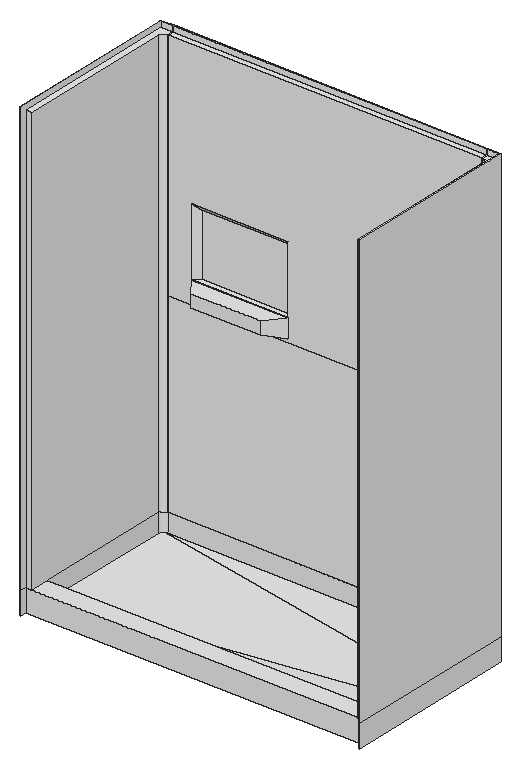
Revit family "5LRS6030SQ.V2 L-R", category Plumbing Fixtures, Revit 2019
Family settings
  Round Connector Dimension = Use Diameter
  Part Type = Normal
  OmniClass Number = 23.45.05.14.17
  OmniClass Title = Showers
  Work Plane-Based = No
  Always vertical = Yes
  Cut with Voids When Loaded = No
  Shared = No
  Room Calculation Point = No
Parameters (values of type "5LRS6030SQ.V2 L/R")
  Unit Width = 60"
  Unit Height = 80 1/2"
  Unit Depth = 31"
  URL = "http://www.bestbath.com/"
  Type Comments = "Remodeler"
  Model = "5LRS6030SQ.V2 L/R"
  Material [instance] = Best Bath Gelcoat Fiberglass - RealTile
  Manufacturer = "Best Bath Systems, Inc."
  Keynote = "22 40 00.B3"
  Description = "Real Tile Finish"
  Assembly Code = "D2010710"
Reference planes (in)
  plane 1: z = 0
  plane 2 "Left": x = 0
  plane 3: z = 79.5
  plane 4: z = 80.5
  plane 5: y = 6.36165
  plane 6: y = 36.36165
  plane 7: x = 60
  plane 8: y = 35.11165
  plane 9: y = 22.36165
  plane 10: x = 51.5
  plane 11: z = 0.375
  plane 12: z = 0.75
  plane 13: z = 38.25
  plane 14: z = 4
  plane 15: y = 5.36165
  plane 16: z = 42.25
Forms (in)
  Extrusion 1, solid, material "Best Bath Gelcoat Fiberglass - Smooth"
    sketch origin (0, 0, 0) x (1, 0, 0) y (0, 1, 0)
      loop
        line (0, 6.36165) -> (60, 6.36165) -> (60, 36.36165) -> (0, 36.36165) -> (0, 6.36165)
      loop
        line (49, 26.36165) -> (49, 18.36165) -> (53.97344, 18.36165) -> (53.97344, 26.36165) -> (49, 26.36165)
    from 0 to 0.75
  Extrusion 2, solid, material "Best Bath Gelcoat Fiberglass - Smooth"
    sketch origin (0, 0, 0) x (1, 0, 0) y (0, 1, 0)
      loop
        line (2.25, 36.36165) -> (2.25, 35.11165) -> (57.75, 35.11165) -> (57.75, 36.36165) -> (2.25, 36.36165)
    from 4 to 38.25
  Blend 3, void
    base sketch origin (0, 0, 0) x (1, 0, 0) y (0, 1, 0)
      loop
        line (1.25, 10.38049) -> (58.75, 10.38049) -> (58.75, 35.11165) -> (1.25, 35.11165) -> (1.25, 10.38049)
    top sketch origin (0, 0, 0) x (1, 0, 0) y (0, 1, 0)
      loop
        line (49, 26.36165) -> (49, 18.36165) -> (53.97344, 18.36165) -> (53.97344, 26.36165) -> (49, 26.36165)
    from 0.75 to 0.375
  Extrusion 4, solid, material "Best Bath Gelcoat Fiberglass - Smooth"
    sketch origin (0, 0, 0) x (1, 0, 0) y (0, 1, 0)
      loop
        line (2.25, 36.36165) -> (2.25, 35.11165) -> (57.75, 35.11165) -> (57.75, 36.36165) -> (2.25, 36.36165)
    from 38.25 to 79.5
  Extrusion 5, solid, material "Best Bath Gelcoat Fiberglass - Smooth"
    sketch origin (0.25, 0, 0) x (1, 0, 0) y (0, 1, 0)
      loop
        line (-0.25, 6.36165) -> (1, 6.36165) -> (1, 34.11165)
        arc (1, 34.11165) -> (1.29289, 34.81875) -> (2, 35.11165) r 1
        line (2, 35.11165) -> (2, 36.36165) -> (-0.25, 36.36165) -> (-0.25, 6.36165)
      loop
        line (59.75, 6.36165) -> (59.75, 36.36165) -> (57.5, 36.36165) -> (57.5, 35.11165)
        arc (57.5, 35.11165) -> (58.20711, 34.81875) -> (58.5, 34.11165) r 1
        line (58.5, 34.11165) -> (58.5, 6.36165) -> (59.75, 6.36165)
    from 4 to 79.5
  Extrusion 6, solid, material "Best Bath Gelcoat Fiberglass - Smooth"
    sketch origin (0, 0, 0) x (1, 0, 0) y (0, 1, 0)
      loop
        line (0, 36.36165) -> (0, 6.36165) -> (1.25, 6.36165) -> (1.25, 34.11165)
        arc (1.25, 34.11165) -> (1.54289, 34.81875) -> (2.25, 35.11165) r 1
        line (2.25, 35.11165) -> (57.75, 35.11165)
        arc (57.75, 35.11165) -> (58.45711, 34.81875) -> (58.75, 34.11165) r 1
        line (58.75, 34.11165) -> (58.75, 6.36165) -> (60, 6.36165) -> (60, 35.11165) -> (60, 36.36165) -> (0, 36.36165)
    from 0 to 4
  Sweep 7, solid, material "Best Bath Gelcoat Fiberglass - Smooth"
    path origin (0, 0, 0) x (1, 0, 0) y (0, 1, 0)
      loop
        line (1.25, 6.36165) -> (58.75, 6.36165)
    profile origin (30, 6.36165, 0) x (0, 1, 0) y (0, 0, 1)
      loop
        line (0, 0) -> (4.15, 0) -> (3.35, 4) -> (0, 4) -> (0, 0)
  Extrusion 8, solid, material "Best Bath Gelcoat Fiberglass - Smooth"
    sketch origin (0, 0, 0) x (1, 0, 0) y (0, 1, 0)
      loop
        line (0, 6.36165) -> (0, 5.36165) -> (0.125, 5.36165) -> (0.125, 6.36165) -> (0, 6.36165)
      loop
        line (60, 6.36165) -> (59.875, 6.36165) -> (59.875, 5.36165) -> (60, 5.36165) -> (60, 6.36165)
    from 0 to 4
  Extrusion 9, solid, material "Best Bath Gelcoat Fiberglass - Smooth"
    sketch origin (0, 0, 0) x (1, 0, 0) y (0, 1, 0)
      loop
        line (2.25, 36.36165) -> (2.25, 36.23665) -> (57.75, 36.23665) -> (57.75, 36.36165) -> (2.25, 36.36165)
    from 79.5 to 80.5
  Extrusion 10, solid, material "Best Bath Gelcoat Fiberglass - Smooth"
    sketch origin (0, 0, 0) x (1, 0, 0) y (0, 1, 0)
      loop
        line (0, 5.36165) -> (0.125, 5.36165) -> (0.125, 36.23665) -> (2.25, 36.23665) -> (2.25, 36.36165) -> (0, 36.36165) -> (0, 5.36165)
      loop
        line (60, 5.36165) -> (60, 36.36165) -> (57.75, 36.36165) -> (57.75, 36.23665) -> (59.875, 36.23665) -> (59.875, 5.36165) -> (60, 5.36165)
    from 4 to 80.5
  Blend 11, void
    base sketch origin (-2.4375, -38.5, -0.375) x (1, 0, 0) y (0, 0, 1)
      loop
        line (39, 42.625) -> (56, 42.625) -> (56, 54.625) -> (39, 54.625) -> (39, 42.625)
    top sketch origin (-2.4375, -38.5, -0.375) x (1, 0, 0) y (0, 0, 1)
      loop
        line (40, 42.625) -> (55, 42.625) -> (55, 53.625) -> (40, 53.625) -> (40, 42.625)
    from -73.61165 to -74.61165
  Blend 12, solid, material "Best Bath Gelcoat Fiberglass - Smooth"
    base sketch origin (-2.4375, -38, -0.375) x (1, 0, 0) y (0, 0, 1)
      loop
        line (56, 42.625) -> (39, 42.625) -> (39, 39.25) -> (56, 39.25) -> (56, 42.625)
    top sketch origin (-2.4375, -38, -0.375) x (1, 0, 0) y (0, 0, 1)
      loop
        line (41.375, 42.625) -> (41.375, 40.375) -> (53.625, 40.375) -> (53.625, 42.625) -> (41.375, 42.625)
    from -73.11165 to -70.11165
  Blend 13, void
    base sketch origin (62.4375, -38.5, -0.375) x (-1, 0, 0) y (0, 0, -1)
      loop
        line (39, -42.625) -> (39, -54.625) -> (56, -54.625) -> (56, -42.625) -> (39, -42.625)
    top sketch origin (62.4375, -38.5, -0.375) x (-1, 0, 0) y (0, 0, -1)
      loop
        line (40, -42.625) -> (40, -53.625) -> (55, -53.625) -> (55, -42.625) -> (40, -42.625)
    from -73.61165 to -74.61165
  Blend 14, solid, material "Best Bath Gelcoat Fiberglass - Smooth"
    base sketch origin (62.4375, -38, -0.375) x (-1, 0, 0) y (0, 0, -1)
      loop
        line (56, -42.625) -> (56, -39.25) -> (39, -39.25) -> (39, -42.625) -> (56, -42.625)
    top sketch origin (62.4375, -38, -0.375) x (-1, 0, 0) y (0, 0, -1)
      loop
        line (41.375, -42.625) -> (53.625, -42.625) -> (53.625, -40.375) -> (41.375, -40.375) -> (41.375, -42.625)
    from -73.11165 to -70.11165
  Extrusion 15, solid, material "Best Bath Gelcoat Fiberglass - Smooth"
    sketch origin (0, 0, 0) x (1, 0, 0) y (0, 1, 0)
      loop
        line (49, 26.36165) -> (49, 18.36165) -> (53.97344, 18.36165) -> (53.97344, 26.36165) -> (49, 26.36165)
    from 0 to 0.25
  Extrusion 16, void
    sketch origin (0, 0, 0) x (1, 0, 0) y (0, 1, 0)
      loop
        circle (51.5, 22.36165) r 1.5
    from 0 to 0.5
Cuts and joins
  Blend 3 cuts Extrusion 1
  Extrusion 16 cuts Extrusion 15
  joined: Extrusion 1, Extrusion 6, Sweep 7, Extrusion 8, Extrusion 15
  Blend 11, Blend 13 cuts Extrusion 4
  Blend 13 cuts Extrusion 9
  Blend 13 cuts Blend 12
  joined: Extrusion 4, Extrusion 9, Blend 12
  joined: Extrusion 5, Extrusion 10
Dimensions and locks (in)
  locked: plane 4 to plane 3 at 1
  "Unit Height": plane 4 to level
  plane 2 "Left" to plane 10 to plane 7 = 51 1/2", 8 1/2" locked
  "Unit Width": plane 2 "Left" to plane 7
  plane 6 to plane 8 = 1 1/4"
  locked: plane 6 to plane 9 at 14
  locked: plane 12 to level at 0.75
  locked: plane 12 to plane 11 at 0.375
  locked: plane 13 to plane 14 at 34.25
  locked: plane 14 to level at 4
  locked: plane 5 to plane 15 at 1
  "Unit Depth": plane 6 to plane 15
  locked: plane 16 to plane 13 at 4
  aligned and locked: level to plane 1
  aligned and locked: Extrusion 1 sketch curve to plane 5
  aligned and locked: Extrusion 1 sketch curve to plane 2 "Left"
  aligned and locked: plane 6 to Extrusion 1 sketch curve
  aligned and locked: Extrusion 1 sketch curve to plane 7
  aligned and locked: plane 12 to Extrusion 1
  aligned and locked: Extrusion 1 to Blend 3  (x2)
  aligned and locked: Blend 3 to plane 11
  aligned and locked: plane 13 to Extrusion 2
  aligned and locked: Extrusion 4 to Extrusion 2
  aligned and locked: plane 3 to Extrusion 4
  aligned and locked: plane 3 to Extrusion 5
  aligned and locked: plane 14 to Extrusion 6
  aligned and locked: Extrusion 5 to plane 14
  aligned and locked: Extrusion 2 to plane 14
  aligned and locked: Extrusion 8 to Extrusion 2
  aligned and locked: Extrusion 9 to plane 3
  aligned and locked: plane 4 to Extrusion 9
  aligned and locked: Extrusion 10 to Extrusion 2
  aligned and locked: plane 4 to Extrusion 10
  aligned and locked: Blend 11 to plane 16
Automatic sketch dimensions
  Extrusion 2 sketch curve to plane 8 = 0"
  Extrusion 2 sketch curve to plane 6 = 0"
  plane 2 "Left" to Extrusion 2 sketch curve = 2 1/4"
  plane 7 to Extrusion 2 sketch curve = 2 1/4"
  Blend 3 sketch curve to plane 8 = 0"
  plane 2 "Left" to Blend 3 sketch curve = 1 1/4"
  plane 7 to Blend 3 sketch curve = 1 1/4"
  plane 5 to Blend 3 sketch curve = 4.01884"
  Extrusion 4 sketch curve to plane 8 = 0"
  Extrusion 4 sketch curve to plane 6 = 0"
  plane 2 "Left" to Extrusion 4 sketch curve = 2 1/4"
  plane 7 to Extrusion 4 sketch curve = 2 1/4"
  Extrusion 5 sketch curve to plane 2 "Left" = 0"
  Extrusion 5 sketch curve to plane 5 = 0"  (x2)
  Extrusion 5 sketch curve to plane 8 = 0"  (x2)
  Extrusion 5 sketch curve to plane 6 = 0"  (x2)
  Extrusion 5 sketch curve to plane 7 = 0"
  Extrusion 5 sketch curve to Extrusion 5 sketch curve = 1 1/4"
  Extrusion 5 sketch curve to Extrusion 5 sketch curve = 1"
  plane 7 to Extrusion 5 sketch curve = 2 1/4"
  Extrusion 5 sketch curve to plane 8 = 1"
  Extrusion 6 sketch curve to plane 2 "Left" = 0"
  Extrusion 6 sketch curve to plane 5 = 0"  (x2)
  Extrusion 6 sketch curve to plane 8 = 0"  (x2)
  Extrusion 6 sketch curve to plane 7 = 0"
  Extrusion 6 sketch curve to plane 6 = 0"
  Extrusion 6 sketch curve to Extrusion 6 sketch curve = 1 1/4"
  Extrusion 6 sketch curve to Extrusion 6 sketch curve = 1"
  Extrusion 6 sketch curve to plane 8 = 1"
  plane 7 to Extrusion 6 sketch curve = 2 1/4"
  Sweep 7 sketch curve to plane 5 = 0"
  plane 2 "Left" to Sweep 7 sketch curve = 1 1/4"
  plane 7 to Sweep 7 sketch curve = 1 1/4"
  Sweep 7 sketch curve to profile plane = 0"
  Sweep 7 sketch curve to level = 0"
  Sweep 7 sketch curve to profile plane = 3.35"
  Sweep 7 sketch curve to Sweep 7 sketch curve = 0.8"
  level to Sweep 7 sketch curve = 4"
  Extrusion 8 sketch curve to plane 2 "Left" = 0"
  Extrusion 8 sketch curve to plane 15 = 0"  (x2)
  Extrusion 8 sketch curve to plane 5 = 0"  (x2)
  Extrusion 8 sketch curve to plane 7 = 0"
  plane 2 "Left" to Extrusion 8 sketch curve = 1/8"
  Extrusion 8 sketch curve to Extrusion 8 sketch curve = 1/8"
  Extrusion 9 sketch curve to plane 6 = 0"
  Extrusion 9 sketch curve to plane 6 = 1/8"
  plane 2 "Left" to Extrusion 9 sketch curve = 2 1/4"
  plane 7 to Extrusion 9 sketch curve = 2 1/4"
  Extrusion 10 sketch curve to plane 2 "Left" = 0"
  Extrusion 10 sketch curve to plane 15 = 0"  (x2)
  Extrusion 10 sketch curve to plane 6 = 0"  (x2)
  Extrusion 10 sketch curve to plane 7 = 0"
  plane 2 "Left" to Extrusion 10 sketch curve = 1/8"
  Extrusion 10 sketch curve to plane 6 = 1/8"  (x2)
  Extrusion 10 sketch curve to Extrusion 10 sketch curve = 2 1/8"
  Extrusion 10 sketch curve to Extrusion 10 sketch curve = 2 1/4"
  Extrusion 10 sketch curve to Extrusion 10 sketch curve = 1/8"
  Blend 11 sketch curve to plane 16 = 0"  (x2)
  Blend 11 sketch curve to plane 10 = 14 15/16"
  plane 10 to Blend 11 sketch curve = 2 1/16"
  plane 16 to Blend 11 sketch curve = 12"
  Blend 11 sketch curve to plane 10 = 13 15/16"
  plane 10 to Blend 11 sketch curve = 1 1/16"
  plane 16 to Blend 11 sketch curve = 11"
  Blend 12 sketch curve to plane 16 = 0"  (x2)
  Blend 12 sketch curve to plane 10 = 14 15/16"
  plane 13 to Blend 12 sketch curve = 5/8"
  plane 10 to Blend 12 sketch curve = 2 1/16"
  plane 13 to Blend 12 sketch curve = 1 3/4"
  Blend 12 sketch curve to plane 10 = 12 9/16"
  Blend 12 sketch curve to plane 10 = 5/16"
  Blend 13 sketch curve to plane 16 = 0"  (x2)
  plane 2 "Left" to Blend 13 sketch curve = 23 7/16"
  plane 2 "Left" to Blend 13 sketch curve = 6 7/16"
  plane 16 to Blend 13 sketch curve = 12"
  plane 16 to Blend 13 sketch curve = 11"
  plane 2 "Left" to Blend 13 sketch curve = 22 7/16"
  plane 2 "Left" to Blend 13 sketch curve = 7 7/16"
  Blend 14 sketch curve to plane 16 = 0"  (x2)
  plane 2 "Left" to Blend 14 sketch curve = 23 7/16"
  plane 13 to Blend 14 sketch curve = 5/8"
  plane 2 "Left" to Blend 14 sketch curve = 6 7/16"
  plane 13 to Blend 14 sketch curve = 1 3/4"
  plane 2 "Left" to Blend 14 sketch curve = 21 1/16"
  plane 2 "Left" to Blend 14 sketch curve = 8 13/16"
  Extrusion 1 sketch curve to plane 10 = 2 1/2"
  plane 10 to Extrusion 1 sketch curve = 2.47344"
  Extrusion 1 sketch curve to plane 9 = 4"
  plane 9 to Extrusion 1 sketch curve = 4"
  Blend 3 sketch curve to plane 10 = 2 1/2"
  plane 10 to Blend 3 sketch curve = 2.47344"
  Blend 3 sketch curve to plane 9 = 4"
  plane 9 to Blend 3 sketch curve = 4"
  Extrusion 15 sketch curve to plane 10 = 2 1/2"
  plane 10 to Extrusion 15 sketch curve = 2.47344"
  Extrusion 15 sketch curve to plane 9 = 4"
  plane 9 to Extrusion 15 sketch curve = 4"
  Extrusion 16 sketch curve to plane 9 = 0"
  Extrusion 16 sketch curve to plane 10 = 0"
  radius of Extrusion 16 sketch curve = 1 1/2"
